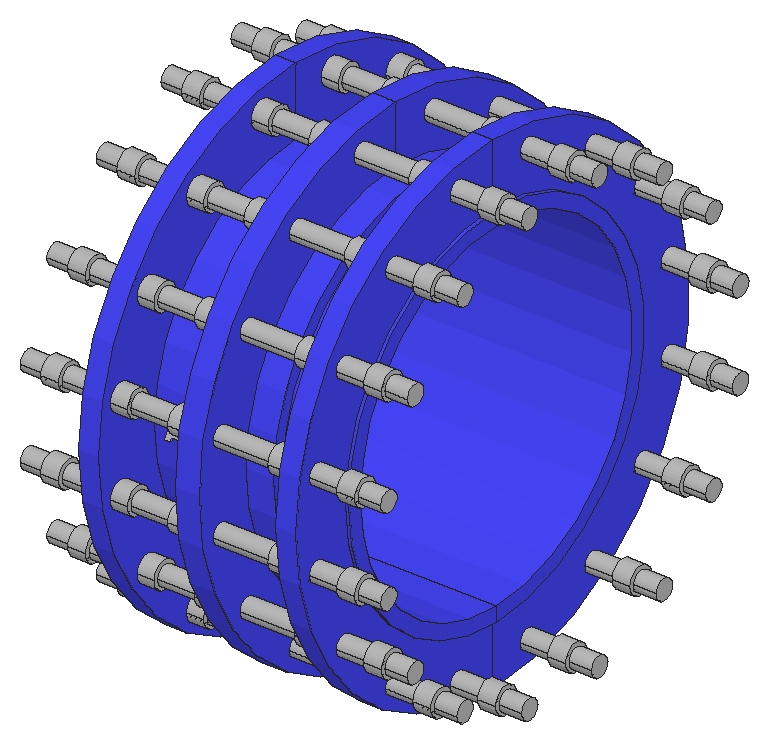
Revit family "265-91-001 DN350-400", category Pipe Accessories, Revit 2022
Family settings
  Round Connector Dimension = Use Diameter
  Part Type = Valve - Breaks Into
  Work Plane-Based = No
  Always vertical = Yes
  Cut with Voids When Loaded = No
  Shared = No
Parameters (values of type "DN350_PN10")
  raised_R = D * 0.75  # 189.375 mm
  offset = S11 - S  # 7 mm
  URL_product_pages = "https://www.avkvalves.com/P.aspx?no=265900401014036400"
  T1 = FL_T * 0.75  # 18.375 mm
  T = FL_T * 0.3  # 7.35 mm
  Search_table = "265-91-001 DN350-400"
  S11 = S * 1.35  # 27 mm
  S = size_lookup(Search_table, "S", 0 mm, DN)  # 20 mm
  Raised_dis = size_lookup(Search_table, "Raised_dis", 0 mm, DN)  # 4 mm
  PN = size_lookup(Search_table, "PN", 0 mm, DN)  # 10 mm
  PCD = size_lookup(Search_table, "PCD", 0 mm, DN) / 2  # 230 mm
  Nut_T = FL_T * 0.75  # 18.375 mm
  L3 = FL_T / 2  # 12.25 mm
  L2 = L * 0.065  # 24.05 mm
  L11 = size_lookup(Search_table, "L11", 0 mm, DN)  # 230 mm
  L1 = L11 * 0.68  # 156.4 mm
  FL_T/2 = FL_T / 2  # 12.25 mm
  L = size_lookup(Search_table, "L", 0 mm, DN)  # 370 mm
  FL_T = size_lookup(Search_table, "FL_T", 0 mm, DN)  # 24.5 mm
  Description_ = "AVK DISMANTLING JOINT WITH CENTRE FLANGE, PN10/16"
  Default Elevation = 0 mm
  DN400_PN10 = "265-9-0400-11-04036401"
  DN400_PN16 = "265-9-0400-10-14036400"
  DN350_PN10 = "265-9-0350-11-04036401"
  DN350_PN16 = "265-9-0350-10-14036400"
  DN = 350.1 mm
  D = size_lookup(Search_table, "D", 0 mm, DN) / 2  # 252.5 mm
  Bore = DN / 2  # 175.05 mm
  Bolt.no = size_lookup(Search_table, "Bolt.no", 0 mm, DN)  # 16 mm
  B1 = L * 0.08  # 29.6 mm
  25 = 25 mm  # constant formula
Types (5, lengths in mm): name | raised_R | offset | T1 | T | S11 | S | PN | PCD | Nut_T | L3 | L2 | L11 | L1 | FL_T/2 | L | FL_T | DN | D | Bore | B1
  (no name) | 189.375 | 7 | 18.375 | 7.35 | 27 | 20 | 10 | 230 | 18.375 | 12.25 | 24.05 | 230 | 156.4 | 12.25 | 370 | 24.5 | 350.1 | 252.5 | 175.05 | 29.6
  DN350_PN16 | 195 | 8.4 | 19.875 | 7.95 | 32.4 | 24 | 16 | 235 | 19.875 | 13.25 | 27.3 | 260 | 176.8 | 13.25 | 420 | 26.5 | 350 | 260 | 175 | 33.6
  DN350_PN10 | 189.375 | 7 | 18.375 | 7.35 | 27 | 20 | 10 | 230 | 18.375 | 12.25 | 24.05 | 230 | 156.4 | 12.25 | 370 | 24.5 | 350.1 | 252.5 | 175.05 | 29.6
  DN400_PN16 | 217.5 | 9.45 | 21 | 8.4 | 36.45 | 27 | 16 | 262.5 | 21 | 14 | 27.95 | 270 | 183.6 | 14 | 430 | 28 | 400 | 290 | 200 | 34.4
  DN400_PN10 | 211.875 | 8.4 | 18.375 | 7.35 | 32.4 | 24 | 10 | 257.5 | 18.375 | 12.25 | 24.7 | 230 | 156.4 | 12.25 | 380 | 24.5 | 400.1 | 282.5 | 200.05 | 30.4
Reference planes
  plane 1 "Center (Front/Back)": y = 0
  plane 2: z = 0
  plane 3 "Center (Left/Right)": x = 0
  plane 4: z = 252.5
  plane 5: z = -252.5
  plane 6: x = -115
  plane 7: x = 115
  plane 8: x = -115
  plane 9: x = 115
  plane 10: z = 175.05
  plane 11: y = 230
  plane 12: y = -230
  plane 13: z = 230
  plane 14: z = -230
  plane 15: x = -185
  plane 16: x = 185
  plane 17: x = 90.5
  plane 18: x = -160.95
  plane 19: x = 160.95
  plane 20: x = -90.5
  plane 21: x = -12.25
  plane 22: x = -142.575
  plane 23: x = -72.125
  plane 24: x = -30.625
  plane 25: x = 72.125
  plane 26: x = 142.575
  plane 27: z = 0
  plane 28: z = 0
  plane 29: y = 0.002
  plane 30: through (4267.2, -23.94, 4.764) normal (0, 0.1951, 0.9808)
  plane 31: through (4267.2, -233.279, 96.631) normal (0, 0.3827, 0.9239)
  plane 32: through (4267.2, -20.294, 13.567) normal (0, 0.5556, 0.8315)
  plane 33: through (4267.2, -178.541, 178.552) normal (0, 0.7071, 0.7071)
  plane 34: through (4267.2, -13.557, 20.304) normal (0, 0.8315, 0.5556)
  plane 35: through (4267.2, -96.621, 233.289) normal (0, 0.9239, 0.3827)
  plane 36: through (4267.2, -4.754, 23.951) normal (0, 0.9808, 0.1951)
  plane 37: through (4267.2, 23.944, 4.764) normal (0, 0.1951, -0.9808)
  plane 38: through (4267.2, 233.282, 96.631) normal (0, 0.3827, -0.9239)
  plane 39: through (4267.2, 20.297, 13.567) normal (0, 0.5556, -0.8315)
  plane 40: through (4267.2, 178.545, 178.552) normal (0, 0.7071, -0.7071)
  plane 41: through (4267.2, 13.56, 20.304) normal (0, 0.8315, -0.5556)
  plane 42: through (4267.2, 96.624, 233.289) normal (0, 0.9239, -0.3827)
  plane 43: through (4267.2, 4.757, 23.951) normal (0, 0.9808, -0.1951)
Forms (mm)
  Revolve 1, solid, material "Laminate, Blue, Matte"
    sketch origin (0, 0, 0) x (1, 0, 0) y (0, 0, 1)
      loop
        line (-115, 189.375) -> (-115, 175.05) -> (115, 175.05) -> (115, 189.375) -> (111, 189.375) -> (111, 252.5) -> (90.5, 252.5) -> (90.5, 182.4) -> (-90.5, 182.4) -> (-90.5, 252.5) -> (-111, 252.5) -> (-111, 189.375) -> (-115, 189.375)
      axis (-115, 0) -> (115, 0)
    angle from 0 to 360
  Revolve 2, solid, material "Laminate, Blue, Matte"
    sketch origin (0, 0, 0) x (1, 0, 0) y (0, 0, 1)
      loop
        line (-12.25, 252.5) -> (-12.25, 182.4) -> (41.4, 182.4) -> (41.4, 193.425) -> (12.25, 193.425) -> (12.25, 252.5) -> (-12.25, 252.5)
      axis (-12.25, 0) -> (41.4, 0)
    angle from 0 to 360
  Extrusion 3, solid, material "Default Wall"
    sketch origin (-19, -1524, 234.624) x (0, 0, 1) y (0, -1, 0)
      loop
        circle (-106.835, -1715.243) r 13.5
      loop
        circle (-43.378, -1651.779) r 13.5
      loop
        circle (-9.04, -1568.864) r 13.5
      loop
        circle (-9.04, -1479.139) r 13.5
      loop
        circle (-43.378, -1396.224) r 13.5
      loop
        circle (-106.835, -1332.76) r 13.5
      loop
        circle (-189.75, -1298.413) r 13.5
      loop
        circle (-189.75, -1749.59) r 13.5
      loop
        circle (-279.491, -1749.574) r 13.5
      loop
        circle (-279.491, -1298.429) r 13.5
      loop
        circle (-362.397, -1715.236) r 13.5
      loop
        circle (-362.397, -1332.767) r 13.5
      loop
        circle (-425.854, -1396.217) r 13.5
      loop
        circle (-460.201, -1479.123) r 13.5
      loop
        circle (-460.201, -1568.88) r 13.5
      loop
        circle (-425.854, -1651.786) r 13.5
    from -71.5 to -53.125
  Extrusion 4, solid, material "Default Wall"
    sketch origin (-19, -1524, 234.624) x (0, 0, 1) y (0, -1, 0)
      loop
        circle (-43.378, -1651.779) r 13.5
      loop
        circle (-9.04, -1568.864) r 13.5
      loop
        circle (-9.04, -1479.139) r 13.5
      loop
        circle (-43.378, -1396.224) r 13.5
      loop
        circle (-106.835, -1332.76) r 13.5
      loop
        circle (-189.75, -1298.413) r 13.5
      loop
        circle (-189.75, -1749.59) r 13.5
      loop
        circle (-106.835, -1715.243) r 13.5
      loop
        circle (-279.491, -1749.574) r 13.5
      loop
        circle (-279.491, -1298.429) r 13.5
      loop
        circle (-362.397, -1715.236) r 13.5
      loop
        circle (-425.854, -1651.786) r 13.5
      loop
        circle (-460.201, -1568.88) r 13.5
      loop
        circle (-460.201, -1479.123) r 13.5
      loop
        circle (-425.854, -1396.217) r 13.5
      loop
        circle (-362.397, -1332.767) r 13.5
    from -11.625 to 6.75
  Extrusion 5, solid, material "Default Wall"
    sketch origin (-19, -1524, 234.624) x (0, 0, 1) y (0, -1, 0)
      loop
        circle (-106.835, -1715.243) r 13.5
      loop
        circle (-189.75, -1749.59) r 13.5
      loop
        circle (-279.491, -1749.574) r 13.5
      loop
        circle (-362.397, -1715.236) r 13.5
      loop
        circle (-425.854, -1651.786) r 13.5
      loop
        circle (-460.201, -1568.88) r 13.5
      loop
        circle (-460.201, -1479.123) r 13.5
      loop
        circle (-425.854, -1396.217) r 13.5
      loop
        circle (-362.397, -1332.767) r 13.5
      loop
        circle (-279.491, -1298.429) r 13.5
      loop
        circle (-189.75, -1298.413) r 13.5
      loop
        circle (-43.378, -1651.779) r 13.5
      loop
        circle (-9.04, -1568.864) r 13.5
      loop
        circle (-9.04, -1479.139) r 13.5
      loop
        circle (-43.378, -1396.224) r 13.5
      loop
        circle (-106.835, -1332.76) r 13.5
    from 91.125 to 109.5
  Extrusion 6, solid, material "Default Wall"
    sketch origin (0, 0, 0) x (0, 1, 0) y (0, 0, 1)
      loop
        circle (44.864, 225.584) r 13.5
      loop
        circle (-44.877, -225.577) r 13.5
      loop
        circle (-44.861, 225.584) r 13.5
      loop
        circle (44.88, -225.577) r 13.5
      loop
        circle (-127.776, 191.246) r 13.5
      loop
        circle (127.786, -191.23) r 13.5
      loop
        circle (-127.783, -191.23) r 13.5
      loop
        circle (127.779, 191.246) r 13.5
      loop
        circle (-191.24, 127.789) r 13.5
      loop
        circle (191.243, 127.789) r 13.5
      loop
        circle (191.236, -127.773) r 13.5
      loop
        circle (-191.233, -127.773) r 13.5
      loop
        circle (225.574, -44.867) r 13.5
      loop
        circle (225.59, 44.874) r 13.5
      loop
        circle (-225.571, -44.867) r 13.5
      loop
        circle (-225.587, 44.874) r 13.5
    from -160.95 to -142.575
  Extrusion 7, solid, material "Default Wall"
    sketch origin (0, 0, 0) x (0, 1, 0) y (0, 0, 1)
      loop
        circle (-225.587, 44.874) r 10
      loop
        circle (-191.24, 127.789) r 10
      loop
        circle (-127.776, 191.246) r 10
      loop
        circle (-44.861, 225.584) r 10
      loop
        circle (225.59, 44.874) r 10
      loop
        circle (191.243, 127.789) r 10
      loop
        circle (127.779, 191.246) r 10
      loop
        circle (44.864, 225.584) r 10
      loop
        circle (-225.571, -44.867) r 10
      loop
        circle (-191.233, -127.773) r 10
      loop
        circle (-127.783, -191.23) r 10
      loop
        circle (-44.877, -225.577) r 10
      loop
        circle (225.574, -44.867) r 10
      loop
        circle (191.236, -127.773) r 10
      loop
        circle (127.786, -191.23) r 10
      loop
        circle (44.88, -225.577) r 10
    from -185 to 185
  Extrusion 8, solid, material "Default Wall"
    sketch origin (-160.95, -1524, 188.585) x (0, 0, 1) y (0, -1, 0)
      loop
        circle (-60.796, -1715.243) r 13.5
      loop
        circle (2.661, -1651.779) r 13.5
      loop
        circle (36.999, -1568.864) r 13.5
      loop
        circle (36.999, -1479.139) r 13.5
      loop
        circle (2.661, -1396.224) r 13.5
      loop
        circle (-143.711, -1749.59) r 13.5
      loop
        circle (-233.452, -1749.574) r 13.5
      loop
        circle (-316.358, -1715.236) r 13.5
      loop
        circle (-379.815, -1651.786) r 13.5
      loop
        circle (-414.162, -1568.88) r 13.5
      loop
        circle (-414.162, -1479.123) r 13.5
      loop
        circle (-379.815, -1396.217) r 13.5
      loop
        circle (-316.358, -1332.767) r 13.5
      loop
        circle (-233.452, -1298.429) r 13.5
      loop
        circle (-143.711, -1298.413) r 13.5
      loop
        circle (-60.796, -1332.76) r 13.5
    from 303.525 to 321.9
Dimensions and locks
  equal spacing: plane 4, level, plane 5
  "D": plane 4 to level
  equal spacing: plane 7, plane 3 "Center (Left/Right)", plane 6
  "L11": plane 7 to plane 6
  equal spacing: plane 9, plane 3 "Center (Left/Right)", plane 8
  "L11": plane 9 to plane 8
  "Bore": plane 10 to level
  equal spacing: Revolve 1 sketch curve, plane 3 "Center (Left/Right)", Revolve 1 sketch curve  (x3)
  "T": Revolve 1 sketch curve to plane 10
  "Raised_dis": Revolve 1 sketch curve to plane 6
  "FL_T": Revolve 1 sketch curve to plane 6
  "T1": Revolve 2 sketch curve to plane 10
  "T": Revolve 2 sketch curve to plane 10
  "L1": Revolve 2 sketch curve to plane 6
  equal spacing: Revolve 2 sketch curve, plane 3 "Center (Left/Right)", Revolve 2 sketch curve
  "FL_T/2": plane 3 "Center (Left/Right)" to Revolve 2 sketch curve
  equal spacing: plane 11, plane 1 "Center (Front/Back)", plane 12
  equal spacing: plane 13, level, plane 14
  "PCD": plane 13 to level
  "PCD": plane 11 to plane 1 "Center (Front/Back)"
  equal spacing: plane 16, plane 3 "Center (Left/Right)", plane 15
  "L": plane 16 to plane 15
  "FL_T": plane 9 to plane 17
  "L2": plane 18 to plane 15
  equal spacing: plane 19, plane 3 "Center (Left/Right)", plane 18
  "FL_T": plane 20 to plane 8
  "FL_T/2": plane 3 "Center (Left/Right)" to plane 21
  "raised_R": Revolve 1 sketch curve to level
  "Nut_T": plane 22 to plane 18
  "Nut_T": plane 23 to plane 20
  "Nut_T": plane 21 to plane 24
  "Nut_T": plane 17 to plane 25
  "Nut_T": plane 19 to plane 26
  plane 16 to plane 15 = 370 mm
  plane 4 to plane 5 = 505 mm  (x2)
  "PCD": plane 43 to Extrusion 7 sketch curve
  "PCD": Extrusion 7 sketch curve to plane 41
  "PCD": Extrusion 7 sketch curve to plane 37
  "PCD": plane 39 to Extrusion 7 sketch curve
  "PCD": plane 32 to Extrusion 7 sketch curve
  equal spacing: Extrusion 7 sketch curve, plane 30, Extrusion 7 sketch curve  (x2)
  equal spacing: Extrusion 7 sketch curve, plane 43, Extrusion 7 sketch curve  (x2)
  equal spacing: Extrusion 7 sketch curve, plane 37, Extrusion 7 sketch curve  (x2)
  equal spacing: Extrusion 7 sketch curve, plane 36, Extrusion 7 sketch curve  (x2)
  "PCD": Extrusion 7 sketch curve to plane 36
  equal spacing: Extrusion 7 sketch curve, plane 34, Extrusion 7 sketch curve  (x2)
  "PCD": plane 34 to Extrusion 7 sketch curve
  equal spacing: Extrusion 7 sketch curve, plane 39, Extrusion 7 sketch curve  (x2)
  equal spacing: Extrusion 7 sketch curve, plane 41, Extrusion 7 sketch curve  (x2)
  equal spacing: Extrusion 7 sketch curve, plane 32, Extrusion 7 sketch curve  (x2)
  "PCD": Extrusion 7 sketch curve to plane 30
  equal spacing: Extrusion 6 sketch curve, plane 30, Extrusion 6 sketch curve  (x3)
  "PCD": Extrusion 6 sketch curve to plane 30
  equal spacing: Extrusion 6 sketch curve, plane 37, Extrusion 6 sketch curve  (x3)
  "PCD": Extrusion 6 sketch curve to plane 37
  equal spacing: Extrusion 6 sketch curve, plane 39, Extrusion 6 sketch curve  (x3)
  equal spacing: Extrusion 6 sketch curve, plane 32, Extrusion 6 sketch curve  (x3)
  "PCD": plane 32 to Extrusion 6 sketch curve
  equal spacing: Extrusion 6 sketch curve, plane 34, Extrusion 6 sketch curve  (x3)
  "PCD": Extrusion 6 sketch curve to plane 34
  "PCD": Extrusion 6 sketch curve to plane 39
  equal spacing: Extrusion 6 sketch curve, plane 41, Extrusion 6 sketch curve  (x3)
  "PCD": plane 41 to Extrusion 6 sketch curve
  equal spacing: Extrusion 6 sketch curve, plane 36, Extrusion 6 sketch curve  (x3)
  "PCD": plane 36 to Extrusion 6 sketch curve
  equal spacing: Extrusion 6 sketch curve, plane 43, Extrusion 6 sketch curve  (x3)
  "PCD": Extrusion 6 sketch curve to plane 43
  "S": diameter of Extrusion 7 sketch curve  (x16)
  "S11": diameter of Extrusion 6 sketch curve  (x16)
  diameter of Extrusion 7 = 20 mm
  aligned and locked: level to plane 2
  aligned and locked: Revolve 1 sketch curve to level
  aligned and locked: Revolve 1 sketch curve to Revolve 1 sketch curve  (x2)
  aligned and locked: plane 10 to Revolve 1 sketch curve
  aligned and locked: plane 6 to Revolve 1 sketch curve
  aligned and locked: Revolve 1 sketch curve to plane 4
  aligned and locked: Revolve 2 sketch curve to plane 4
  aligned and locked: Extrusion 3 to plane 20
  aligned and locked: Extrusion 3 to plane 23
  aligned and locked: Extrusion 4 to plane 24
  aligned and locked: Extrusion 4 to plane 21
  aligned and locked: Extrusion 5 to plane 25
  aligned and locked: plane 17 to Extrusion 5
  aligned and locked: Extrusion 6 to plane 18
  aligned and locked: Extrusion 6 to plane 22
  aligned and locked: Extrusion 7 to plane 15
  aligned and locked: plane 16 to Extrusion 7
  aligned and locked: Extrusion 3 sketch curve to Extrusion 6  (x32)
  aligned and locked: Extrusion 4 sketch curve to Extrusion 6  (x32)
  aligned and locked: Extrusion 5 sketch curve to Extrusion 6  (x32)
  aligned and locked: Extrusion 8 sketch curve to Extrusion 6  (x32)
  aligned and locked: Extrusion 8 to plane 19
  aligned and locked: Extrusion 8 to plane 26
Automatic sketch dimensions
  Revolve 1 sketch curve to plane 6 = 5.606 mm
  Revolve 1 sketch curve to plane 7 = 4.556 mm
  Revolve 2 sketch curve to level = 0 mm
  plane 18 to Revolve 2 sketch curve = 6.103 mm
  Revolve 2 sketch curve to plane 7 = 1.915 mm
  Extrusion 7 sketch curve to plane 30 = 0 mm
  plane 32 to Extrusion 7 sketch curve = 0 mm
  Extrusion 7 sketch curve to plane 34 = 0 mm
  plane 36 to Extrusion 7 sketch curve = 0 mm
  plane 43 to Extrusion 7 sketch curve = 0 mm
  Extrusion 7 sketch curve to plane 41 = 0 mm
  plane 39 to Extrusion 7 sketch curve = 0 mm
  Extrusion 7 sketch curve to plane 37 = 0 mm
Nested families
  nested 1: "logo medium-11" at (-47.009, -182.4, 0.123) x (1, 0, 0) z (0, -1, 0.0007), type "logo medium-11"
Connectors
  piping at (-111, 0, 0), diameter 350.1, driven by "DN"
    settings: on Revolve 1, index 1, connector inside diameter 609.6 mm, connector length 0 mm, flow factor 0, pipe flow 0.0 L/s, pressure drop 0.0 Pa, fitting loss kfactor 0, connector angle 0.00°, fixture units 0, engagement length 0 mm, angle of deflection 0.00°, flow configuration 0, flow direction 0, fitting loss method 0, system type 7, joint type 0, gender type 0, connector reference index -1, connector utility 0, adjustable connector no, is connector primary yes, connector description ""
  piping at (115, 0, 0), diameter 350.1, driven by "DN"
    settings: on Revolve 1, index 2, connector inside diameter 609.6 mm, connector length 0 mm, flow factor 0, pipe flow 0.0 L/s, pressure drop 0.0 Pa, fitting loss kfactor 0, connector angle 0.00°, fixture units 0, engagement length 0 mm, angle of deflection 0.00°, flow configuration 0, flow direction 0, fitting loss method 0, system type 7, joint type 0, gender type 0, connector reference index -1, connector utility 0, adjustable connector no, is connector primary no, connector description ""
Definition of nested family "logo medium-11"
  Parameters
    Default Elevation = 1219.2 mm
  Reference planes
    plane 1 "Center (Front/Back)": y = 0
    plane 2: z = 0
    plane 3 "Center (Left/Right)": x = 0
  Forms (mm)
    Extrusion 1, solid
      sketch origin (0, 0, 0) x (1, 0, 0) y (0, 1, 0)
        loop
          line (-1219.2, 1219.2) -> (-1219.2, -1219.2) -> (1219.2, -1219.2) -> (1219.2, 1219.2) -> (-1219.2, 1219.2)
      from 0 to -188.781
    Extrusion 2, solid
      sketch origin (0, 0, 0) x (1, 0, 0) y (0, 1, 0)
        loop
          line (-30.911, 14.607) -> (-12.952, 14.607) -> (-3.438, -8.594) -> (3.26, -8.594) -> (12.676, 14.607) -> (30.732, 14.607) -> (30.732, 20.529) -> (7.968, 20.529) -> (0, 0) -> (-8.195, 20.529) -> (-30.911, 20.529) -> (-30.911, 14.607)
        loop
          line (30.732, 6.453) -> (30.732, 12.569) -> (24.908, 12.569)
          arc (24.908, 12.569) -> (22.993, 7.075) -> (17.724, 4.608) r 7.492
          line (17.724, 4.608) -> (20.928, 12.569) -> (14.521, 12.569) -> (5.881, -8.594) -> (12.434, -8.594) -> (15.777, -0.405) -> (21.354, -8.594) -> (29.424, -8.594) -> (22.319, 0.649)
          arc (22.319, 0.649) -> (26.344, 2.972) -> (29.424, 6.453) r 14.456
          line (29.424, 6.453) -> (30.732, 6.453)
        loop
          line (-5.865, -8.594) -> (-14.796, 12.569) -> (-30.911, 12.569) -> (-30.911, 6.453) -> (-25.086, 6.453) -> (-30.911, -8.594) -> (-25.086, -8.594) -> (-23.728, -5.084) -> (-13.656, -5.084) -> (-12.175, -8.594) -> (-5.865, -8.594)
        loop
          line (-18.776, 7.618) -> (-21.494, 0) -> (-15.961, 0) -> (-18.776, 7.618)
      from 0 to 2
  Dimensions and locks
    aligned and locked: plane 2 to Extrusion 1
    aligned and locked: level to Extrusion 1
    aligned and locked: Extrusion 2 sketch curve to import instance  (x36)
